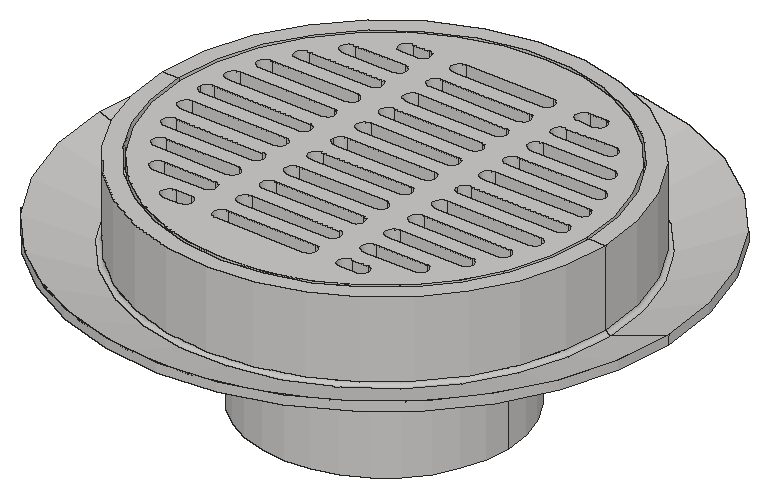
Revit family "Drain_Floor_15-Inch-Round_Zurn-Z1737_Extra-Heavy-Duty", category Plumbing Fixtures, Revit 2022
Family settings
  Round Connector Dimension = Use Radius
  Part Type = Normal
  OmniClass Number = 23.45.55.21
  OmniClass Title = Drains (Wastes)
  Work Plane-Based = No
  Always vertical = Yes
  Cut with Voids When Loaded = No
  Maintain Annotation Orientation = No
  Shared = No
  Room Calculation Point = No
Parameters (values of type "ZM1737-8IP")
  Vent Connection = 1 = 0  # no
  HW Connection = 1 = 0  # no
  Grate Open Area (Sq. In.) = 55.000"
  CW Connection = 1 = 0  # no
  Waste Connection = 1 = 1  # yes
  WFU = 0  # constant formula
  URL = "www.zurn.com"
  Type Comments = "ZM1737 - 8 Inch IP Threaded Outlet"
  Product data url = "https://www.bimobject.com/en-us/zurnindustries/product/z1737"
  Product Page URL = "https://www.zurn.com/products/drainage-interceptors/floor-drains/area-drains/z1737"
  Product Documentation Link = "https://files.zurn.com/spec-sheets/z1737.pdf"
  Pipe Size 'A' (Outer Diameter) = 8.625"
  Pipe Size 'A' (Nominal Radius) = [Pipe Size 'A' (Nominal Diameter)] / 2  # 4.000"
  Pipe Size 'A' (Nominal Diameter) = 8.000"
  Pipe Size 'A' (Inner Radius) = [Pipe Size 'A' (Inner Diameter)] / 2  # 3.9905"
  Pipe Size 'A' (Outer Radius) = [Pipe Size 'A' (Outer Diameter)] / 2  # 4.3125"
  Pipe Size 'A' (Inner Diameter) = 7.981"
  Modified Date = "11/14/25"  # constant formula
  Model = "ZM1737"
  Manufacurer Brand = "Zurn"  # constant formula
  Manufacturer = "Zurn Water, LLC"  # constant formula
  Main Material = Steel - Zurn- Stainless - Type - 316
  HWFU = 0  # constant formula
  Description = "15 INCH DIAMETER FLOOR DRAIN"  # constant formula
  Default Elevation = 10.000"
  Date Created = "04/30/18"  # constant formula
  CWFU = 0  # constant formula
  Body HT Dim 'E' = 5.500"
  Assembly Code = "D2030300"
  Approx. Weight (Lbs) = 85.000"
Types (2): name | Type Comments | Model | Main Material
  Z1737-8IP | "Z1737 - 8 Inch IP Threaded Outlet" | "Z1737" | Steel - Zurn - Stainless - Type - 304
  ZM1737-8IP | "ZM1737 - 8 Inch IP Threaded Outlet" | "ZM1737" | Steel - Zurn- Stainless - Type - 316
Reference planes (in)
  plane 1 "Center (Front/Back)": y = 0
  plane 2: z = 0
  plane 3 "Center (Left/Right)": x = 0
  plane 4: x = 4
  plane 5: x = -4
  plane 6: y = 4
  plane 7: y = -4
  plane 8: x = 9.875
  plane 9: x = -9.875
  plane 10: x = -5.938
  plane 11: x = 5.938
  plane 12: z = -2
  plane 13: z = -3.25
  plane 14: z = -7.5
Forms (in)
  Revolve 1, solid, material "Steel - Zurn- Stainless - Type - 316" <- "Main Material", detail levels fine
    sketch origin (0, 0, 0) x (1, 0, 0) y (0, 0, 1)
      loop
        line (9.875, -2) -> (7.85525, -2.73513)
        arc (7.85525, -2.73513) -> (7.7408, -2.72006) -> (7.6875, -2.61767) r 0.125
        line (7.6875, -2.61767) -> (7.6875, 0) -> (7.125, 0) -> (7.125, -0.75) -> (6.25, -0.75) -> (6.25, -3.31939) -> (3.9905, -4.14178) -> (3.9905, -7.5) -> (4.3125, -7.5) -> (4.3125, -4.33708) -> (9.875, -2.3125) -> (9.875, -2)
      axis (0, -7.5) -> (0, 0)
    angle from 0 to 360
Lines and regions (in)
  Masking region 1, detail levels fine
    outline origin (65.34541, 0, -5.5) x (1, 0, 0) y (0, 1, 0)
      loop
        circle (-65.34541, 0) r 7.6875
  model lines, detail levels coarse+medium
    curve 1: circle (0, 0, 0) r 7.6875 normal (0, 0, 1)
    curve 2: circle (0, 0, 0) r 7.025 normal (0, 0, 1)
    curve 3: line (-4, 0, -7.5) -> (4, 0, -7.5)
    curve 4: line (0, 4, -7.5) -> (0, -4, -7.5)
    curve 6: line (-4.36399, 5.50511, 0) -> (4.36399, 5.50511, 0)
    curve 7: line (-5.47308, 4.40409, 0) -> (5.47308, 4.40409, 0)
    curve 8: line (-6.20003, 3.30306, 0) -> (6.20003, 3.30306, 0)
    curve 9: line (-6.67095, 2.20204, 0) -> (6.67095, 2.20204, 0)
    curve 10: line (-6.93818, 1.10102, 0) -> (6.93818, 1.10102, 0)
    curve 11: line (-7.025, 0, 0) -> (7.025, 0, 0)
    curve 12: line (-6.93818, -1.10102, 0) -> (6.93818, -1.10102, 0)
    curve 13: line (-6.67095, -2.20204, 0) -> (6.67095, -2.20204, 0)
    curve 14: line (-6.20003, -3.30306, 0) -> (6.20003, -3.30306, 0)
    curve 15: line (-5.47308, -4.40409, 0) -> (5.47308, -4.40409, 0)
    curve 16: line (-4.36399, -5.50511, 0) -> (4.36399, -5.50511, 0)
  model lines
    curve 5: line (0, 0, 0) -> (0, 0, -7.5)
Dimensions and locks (in)
  "Pipe Size 'A' (Nominal Radius)": plane 5 to plane 3 "Center (Left/Right)" to plane 4
  "Pipe Size 'A' (Nominal Radius)": plane 7 to plane 1 "Center (Front/Back)" to plane 6
  equal spacing: plane 8, plane 3 "Center (Left/Right)", plane 9, locked at 9.875 each
  locked: plane 8 to plane 9 at 19.75
  locked: Revolve 1 sketch curve to Revolve 1 sketch curve at 0.3125
  "Pipe Size 'A' (Outer Radius)": Revolve 1 sketch curve to plane 3 "Center (Left/Right)"
  "Pipe Size 'A' (Inner Radius)": Revolve 1 sketch curve to curve 5
  locked: Revolve 1 sketch curve to Revolve 1 sketch curve at 0.29365  (x2)
  locked: Revolve 1 sketch curve to plane 3 "Center (Left/Right)" at 7.6875
  Revolve 1 sketch curve to plane 3 "Center (Left/Right)" = 7.125"
  locked: Revolve 1 sketch curve to plane 3 "Center (Left/Right)" at 6.25
  locked: Revolve 1 sketch curve to level at 0.75
  equal spacing: curve 16, curve 15, curve 14, curve 13, curve 12, curve 11, curve 10, curve 9, curve 8, curve 7, curve 6, locked at 1.10102 each
  equal spacing: curve 16, plane 1 "Center (Front/Back)", curve 6
  locked: curve 16 to curve 6 at 11.01022
  "Body HT Dim 'E'": plane 12 to plane 14
  locked: level to plane 12 at 2
  locked: Revolve 1 sketch curve to plane 12 (angle 20.00°)
  aligned and locked: plane 2 to level
  aligned and locked: plane 5 to curve 3
  aligned and locked: plane 4 to curve 3
  aligned and locked: plane 1 "Center (Front/Back)" to curve 3
  aligned and locked: plane 6 to curve 4
  aligned and locked: plane 7 to curve 4
  aligned and locked: curve 4 to plane 3 "Center (Left/Right)"
  aligned and locked: level to curve 5
  aligned and locked: plane 3 "Center (Left/Right)" to curve 5
  aligned and locked: Revolve 1 sketch curve to plane 8
  aligned and locked: plane 12 to Revolve 1 sketch curve
  aligned and locked: plane 3 "Center (Left/Right)" to Revolve 1 sketch curve
  aligned and locked: Revolve 1 to nested 1
  aligned and locked: plane 1 "Center (Front/Back)" to nested 1
  aligned and locked: curve 1 to Revolve 1
  aligned and locked: curve 2 to nested 1
  aligned and locked: Masking region 1 sketch curve to Revolve 1
  aligned and locked: plane 14 to Revolve 1 sketch curve
  aligned and locked: plane 14 to curve 5
Automatic sketch dimensions
  Revolve 1 sketch curve to level = 0.000"
  Revolve 1 sketch curve to Revolve 1 sketch curve = 0.125"
  level to Revolve 1 sketch curve = 17.93922"
  Revolve 1 sketch curve to Revolve 1 sketch curve = 15.30722"
Nested families (in)
  nested 1: "Z1737_grate" at (0, 0, 0), Main Material <- "Main Material", type "Z1737_grate", detail levels fine
    with Main Material Steel - Zurn- Stainless - Type - 316
Connectors (in)
  piping at (0, 0, -7.5), diameter 8, driven by "Pipe Size 'A' (Nominal Radius)"
    settings: on Revolve 1, index 1, connector inside diameter 24", connector length 0.000", flow factor 0, pipe flow 0 GPM, pressure drop 0.00 psi, fitting loss kfactor 0, connector angle 0.00°, fixture units 0, engagement length 0.000", angle of deflection 0.00°, flow configuration 0, flow direction 0, fitting loss method 0, system type 7, joint type 0, gender type 0, connector reference index -1, connector utility 0, adjustable connector no, is connector primary yes, connector description ""
Definition of nested family "Z1737_grate"
  Parameters (values of type "Z1737_grate")
    Main Material [instance] = none
    Default Elevation = 48.000"  # constant formula
  Reference planes (in)
    plane 1 "Center (Front/Back)": y = 0
    plane 2: z = 0
    plane 3 "Center (Left/Right)": x = 0
    plane 4: z = -0.75
  Forms (in)
    Extrusion 1, solid, material <- "Main Material"
      sketch origin (0, 0, 0) x (1, 0, 0) y (0, 1, 0)
        loop
          arc (-1.51565, 0.2656) -> (-1.70346, 0.18781) -> (-1.78125, 0) r 0.2656
          arc (-1.78125, 0) -> (-1.70346, -0.18781) -> (-1.51565, -0.2656) r 0.2656
          line (-1.51565, -0.2656) -> (1.51565, -0.2656)
          arc (1.51565, -0.2656) -> (1.70346, -0.18781) -> (1.78125, 0) r 0.2656
          arc (1.78125, 0) -> (1.70346, 0.18781) -> (1.51565, 0.2656) r 0.2656
          line (1.51565, 0.2656) -> (-1.51565, 0.2656)
        loop
          arc (2.7968, 0.2656) -> (2.60899, 0.18781) -> (2.5312, 0) r 0.2656
          arc (2.5312, 0) -> (2.60899, -0.18781) -> (2.7968, -0.2656) r 0.2656
          line (2.7968, -0.2656) -> (6.1406, -0.2656)
          arc (6.1406, -0.2656) -> (6.32841, -0.18781) -> (6.4062, 0) r 0.2656
          arc (6.4062, 0) -> (6.32841, 0.18781) -> (6.1406, 0.2656) r 0.2656
          line (6.1406, 0.2656) -> (2.7968, 0.2656)
        loop
          arc (-6.1406, 0.2656) -> (-6.32841, 0.18781) -> (-6.4062, 0) r 0.2656
          arc (-6.4062, 0) -> (-6.32841, -0.18781) -> (-6.1406, -0.2656) r 0.2656
          line (-6.1406, -0.2656) -> (-2.7968, -0.2656)
          arc (-2.7968, -0.2656) -> (-2.60899, -0.18781) -> (-2.5312, 0) r 0.2656
          arc (-2.5312, 0) -> (-2.60899, 0.18781) -> (-2.7968, 0.2656) r 0.2656
          line (-2.7968, 0.2656) -> (-6.1406, 0.2656)
        loop
          arc (1.51565, 2.828) -> (1.78125, 3.0936) -> (1.51565, 3.3592) r 0.2656
          line (1.51565, 3.3592) -> (-1.51565, 3.3592)
          arc (-1.51565, 3.3592) -> (-1.78125, 3.0936) -> (-1.51565, 2.828) r 0.2656
          line (-1.51565, 2.828) -> (1.51565, 2.828)
        loop
          arc (1.51565, 0.7656) -> (1.78125, 1.0312) -> (1.51565, 1.2968) r 0.2656
          line (1.51565, 1.2968) -> (-1.51565, 1.2968)
          arc (-1.51565, 1.2968) -> (-1.78125, 1.0312) -> (-1.51565, 0.7656) r 0.2656
          line (-1.51565, 0.7656) -> (1.51565, 0.7656)
        loop
          arc (-1.51565, 4.3904) -> (-1.78125, 4.1248) -> (-1.51565, 3.8592) r 0.2656
          line (-1.51565, 3.8592) -> (1.51565, 3.8592)
          arc (1.51565, 3.8592) -> (1.78125, 4.1248) -> (1.51565, 4.3904) r 0.2656
          line (1.51565, 4.3904) -> (-1.51565, 4.3904)
        loop
          arc (-2.7968, 0.7656) -> (-2.5312, 1.0312) -> (-2.7968, 1.2968) r 0.2656
          line (-2.7968, 1.2968) -> (-6.0534, 1.2968)
          arc (-6.0534, 1.2968) -> (-6.319, 1.0312) -> (-6.0534, 0.7656) r 0.2656
          line (-6.0534, 0.7656) -> (-2.7968, 0.7656)
        loop
          arc (-2.7968, 1.7968) -> (-2.5312, 2.0624) -> (-2.7968, 2.328) r 0.2656
          line (-2.7968, 2.328) -> (-5.7839, 2.328)
          arc (-5.7839, 2.328) -> (-6.0495, 2.0624) -> (-5.7839, 1.7968) r 0.2656
          line (-5.7839, 1.7968) -> (-2.7968, 1.7968)
        loop
          arc (-2.7968, 2.828) -> (-2.5312, 3.0936) -> (-2.7968, 3.3592) r 0.2656
          line (-2.7968, 3.3592) -> (-5.3044, 3.3592)
          arc (-5.3044, 3.3592) -> (-5.57, 3.0936) -> (-5.3044, 2.828) r 0.2656
          line (-5.3044, 2.828) -> (-2.7968, 2.828)
        loop
          arc (-2.7968, 3.8592) -> (-2.5312, 4.1248) -> (-2.7968, 4.3904) r 0.2656
          line (-2.7968, 4.3904) -> (-4.54896, 4.3904)
          arc (-4.54896, 4.3904) -> (-4.81456, 4.1248) -> (-4.54896, 3.8592) r 0.2656
          line (-4.54896, 3.8592) -> (-2.7968, 3.8592)
        loop
          arc (2.7968, 5.4216) -> (2.5312, 5.156) -> (2.7968, 4.8904) r 0.2656
          line (2.7968, 4.8904) -> (3.33506, 4.8904)
          arc (3.33506, 4.8904) -> (3.60066, 5.156) -> (3.33506, 5.4216) r 0.2656
          line (3.33506, 5.4216) -> (2.7968, 5.4216)
        loop
          arc (-3.33506, 5.4216) -> (-3.60066, 5.156) -> (-3.33506, 4.8904) r 0.2656
          line (-3.33506, 4.8904) -> (-2.7968, 4.8904)
          arc (-2.7968, 4.8904) -> (-2.5312, 5.156) -> (-2.7968, 5.4216) r 0.2656
          line (-2.7968, 5.4216) -> (-3.33506, 5.4216)
        loop
          arc (4.54896, 3.8592) -> (4.81456, 4.1248) -> (4.54896, 4.3904) r 0.2656
          line (4.54896, 4.3904) -> (2.7968, 4.3904)
          arc (2.7968, 4.3904) -> (2.5312, 4.1248) -> (2.7968, 3.8592) r 0.2656
          line (2.7968, 3.8592) -> (4.54896, 3.8592)
        loop
          arc (5.3044, 2.828) -> (5.57, 3.0936) -> (5.3044, 3.3592) r 0.2656
          line (5.3044, 3.3592) -> (2.7968, 3.3592)
          arc (2.7968, 3.3592) -> (2.5312, 3.0936) -> (2.7968, 2.828) r 0.2656
          line (2.7968, 2.828) -> (5.3044, 2.828)
        loop
          arc (5.7839, 1.7968) -> (6.0495, 2.0624) -> (5.7839, 2.328) r 0.2656
          line (5.7839, 2.328) -> (2.7968, 2.328)
          arc (2.7968, 2.328) -> (2.5312, 2.0624) -> (2.7968, 1.7968) r 0.2656
          line (2.7968, 1.7968) -> (5.7839, 1.7968)
        loop
          arc (2.7968, 1.2968) -> (2.5312, 1.0312) -> (2.7968, 0.7656) r 0.2656
          line (2.7968, 0.7656) -> (6.0534, 0.7656)
          arc (6.0534, 0.7656) -> (6.319, 1.0312) -> (6.0534, 1.2968) r 0.2656
          line (6.0534, 1.2968) -> (2.7968, 1.2968)
        loop
          arc (-1.51565, 5.4216) -> (-1.78125, 5.156) -> (-1.51565, 4.8904) r 0.2656
          line (-1.51565, 4.8904) -> (1.51565, 4.8904)
          arc (1.51565, 4.8904) -> (1.78125, 5.156) -> (1.51565, 5.4216) r 0.2656
          line (1.51565, 5.4216) -> (-1.51565, 5.4216)
        loop
          arc (1.51565, 1.7968) -> (1.78125, 2.0624) -> (1.51565, 2.328) r 0.2656
          line (1.51565, 2.328) -> (-1.51565, 2.328)
          arc (-1.51565, 2.328) -> (-1.78125, 2.0624) -> (-1.51565, 1.7968) r 0.2656
          line (-1.51565, 1.7968) -> (1.51565, 1.7968)
        loop
          arc (1.51565, -3.3592) -> (1.78125, -3.0936) -> (1.51565, -2.828) r 0.2656
          line (1.51565, -2.828) -> (-1.51565, -2.828)
          arc (-1.51565, -2.828) -> (-1.78125, -3.0936) -> (-1.51565, -3.3592) r 0.2656
          line (-1.51565, -3.3592) -> (1.51565, -3.3592)
        loop
          arc (1.51565, -1.2968) -> (1.78125, -1.0312) -> (1.51565, -0.7656) r 0.2656
          line (1.51565, -0.7656) -> (-1.51565, -0.7656)
          arc (-1.51565, -0.7656) -> (-1.78125, -1.0312) -> (-1.51565, -1.2968) r 0.2656
          line (-1.51565, -1.2968) -> (1.51565, -1.2968)
        loop
          arc (-1.51565, -3.8592) -> (-1.78125, -4.1248) -> (-1.51565, -4.3904) r 0.2656
          line (-1.51565, -4.3904) -> (1.51565, -4.3904)
          arc (1.51565, -4.3904) -> (1.78125, -4.1248) -> (1.51565, -3.8592) r 0.2656
          line (1.51565, -3.8592) -> (-1.51565, -3.8592)
        loop
          arc (-2.7968, -1.2968) -> (-2.5312, -1.0312) -> (-2.7968, -0.7656) r 0.2656
          line (-2.7968, -0.7656) -> (-6.0534, -0.7656)
          arc (-6.0534, -0.7656) -> (-6.319, -1.0312) -> (-6.0534, -1.2968) r 0.2656
          line (-6.0534, -1.2968) -> (-2.7968, -1.2968)
        loop
          arc (-2.7968, -2.328) -> (-2.5312, -2.0624) -> (-2.7968, -1.7968) r 0.2656
          line (-2.7968, -1.7968) -> (-5.7839, -1.7968)
          arc (-5.7839, -1.7968) -> (-6.0495, -2.0624) -> (-5.7839, -2.328) r 0.2656
          line (-5.7839, -2.328) -> (-2.7968, -2.328)
        loop
          arc (-2.7968, -3.3592) -> (-2.5312, -3.0936) -> (-2.7968, -2.828) r 0.2656
          line (-2.7968, -2.828) -> (-5.3044, -2.828)
          arc (-5.3044, -2.828) -> (-5.57, -3.0936) -> (-5.3044, -3.3592) r 0.2656
          line (-5.3044, -3.3592) -> (-2.7968, -3.3592)
        loop
          arc (-2.7968, -4.3904) -> (-2.5312, -4.1248) -> (-2.7968, -3.8592) r 0.2656
          line (-2.7968, -3.8592) -> (-4.54896, -3.8592)
          arc (-4.54896, -3.8592) -> (-4.81456, -4.1248) -> (-4.54896, -4.3904) r 0.2656
          line (-4.54896, -4.3904) -> (-2.7968, -4.3904)
        loop
          arc (2.7968, -4.8904) -> (2.5312, -5.156) -> (2.7968, -5.4216) r 0.2656
          line (2.7968, -5.4216) -> (3.33506, -5.4216)
          arc (3.33506, -5.4216) -> (3.60066, -5.156) -> (3.33506, -4.8904) r 0.2656
          line (3.33506, -4.8904) -> (2.7968, -4.8904)
        loop
          arc (-3.33506, -4.8904) -> (-3.60066, -5.156) -> (-3.33506, -5.4216) r 0.2656
          line (-3.33506, -5.4216) -> (-2.7968, -5.4216)
          arc (-2.7968, -5.4216) -> (-2.5312, -5.156) -> (-2.7968, -4.8904) r 0.2656
          line (-2.7968, -4.8904) -> (-3.33506, -4.8904)
        loop
          arc (4.54896, -4.3904) -> (4.81456, -4.1248) -> (4.54896, -3.8592) r 0.2656
          line (4.54896, -3.8592) -> (2.7968, -3.8592)
          arc (2.7968, -3.8592) -> (2.5312, -4.1248) -> (2.7968, -4.3904) r 0.2656
          line (2.7968, -4.3904) -> (4.54896, -4.3904)
        loop
          arc (5.3044, -3.3592) -> (5.57, -3.0936) -> (5.3044, -2.828) r 0.2656
          line (5.3044, -2.828) -> (2.7968, -2.828)
          arc (2.7968, -2.828) -> (2.5312, -3.0936) -> (2.7968, -3.3592) r 0.2656
          line (2.7968, -3.3592) -> (5.3044, -3.3592)
        loop
          arc (5.7839, -2.328) -> (6.0495, -2.0624) -> (5.7839, -1.7968) r 0.2656
          line (5.7839, -1.7968) -> (2.7968, -1.7968)
          arc (2.7968, -1.7968) -> (2.5312, -2.0624) -> (2.7968, -2.328) r 0.2656
          line (2.7968, -2.328) -> (5.7839, -2.328)
        loop
          arc (2.7968, -0.7656) -> (2.5312, -1.0312) -> (2.7968, -1.2968) r 0.2656
          line (2.7968, -1.2968) -> (6.0534, -1.2968)
          arc (6.0534, -1.2968) -> (6.319, -1.0312) -> (6.0534, -0.7656) r 0.2656
          line (6.0534, -0.7656) -> (2.7968, -0.7656)
        loop
          arc (-1.51565, -4.8904) -> (-1.78125, -5.156) -> (-1.51565, -5.4216) r 0.2656
          line (-1.51565, -5.4216) -> (1.51565, -5.4216)
          arc (1.51565, -5.4216) -> (1.78125, -5.156) -> (1.51565, -4.8904) r 0.2656
          line (1.51565, -4.8904) -> (-1.51565, -4.8904)
        loop
          arc (1.51565, -2.328) -> (1.78125, -2.0624) -> (1.51565, -1.7968) r 0.2656
          line (1.51565, -1.7968) -> (-1.51565, -1.7968)
          arc (-1.51565, -1.7968) -> (-1.78125, -2.0624) -> (-1.51565, -2.328) r 0.2656
          line (-1.51565, -2.328) -> (1.51565, -2.328)
        loop
          circle (0, 0) r 7.025
      from 0 to -0.75
  Dimensions and locks (in)
    locked: plane 2 to plane 4 at 0.75
    aligned and locked: plane 2 to level
    aligned and locked: Extrusion 1 to plane 2
    aligned and locked: plane 4 to Extrusion 1
